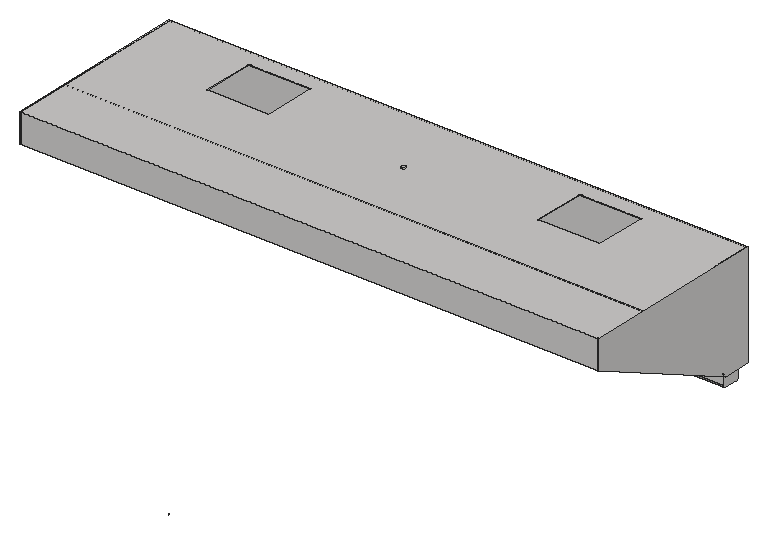
Revit family "QF_ELECTROLUXPROFESSIONAL_644208_AMPV928DT", category Attrezzature speciali, Revit 2021
Family settings
  Quota connettore circolare = Usa diametro
  Tipo di parte = Normale
  Basato su piano di lavoro = No
  Sempre verticale = Sì
  Taglio con vuoti quando caricato = No
  Condiviso = No
  Punto di calcolo locali = No
Parameters (values of type "Standard")
  Weight = 92.00 kg
  Watts = 840 W
  Volts = 220 V
  URL Manufacturer = "https://www.electroluxprofessional.com/"
  URL = "https://www.electroluxprofessional.com/"
  Steam Supply Size = 0 mm
  Steam Supply Minimum Pressure = 0.0 Pa
  Steam Supply Maximum Pressure = 0.0 Pa
  Steam Consumption per Hour = 0
  Refrigeration Suction Line Size = 0 mm
  Refrigeration Liquid Line Size = 0 mm
  Refrigerant Compressor Remote = yes
  Prospetto di default = 0 mm
  Produttore = "Electrolux Professional"
  Phase = 1
  Modello = "AMPV928DT"
  Length Actual = 2800 mm  # constant formula
  Item Number = "644208"
  Hot Water Size = 0 mm
  Height Actual = 500 mm  # constant formula
  HP = "1.1 HP"
  Gas Size = 0 mm
  Gas KW = 0
  Gas Input Pressure = 0 W
  Direct Waste Size = 0 mm
  Descrizione = "304 S/S WALL HOOD+FILTERS+FAN 2800X900MM"
  Depth Actual = 900 mm  # constant formula
  Cycle = 50 Hz
  Condensate Return Size = 0 mm
  Compressed Air Volume = 0.0 L/s
  Compressed Air Size = 0 mm
  Compressed Air Pressure = 0.0 Pa
  Cold Water Size = 0 mm
  Accessory = yes
Reference planes
  plane 1: z = 0
  plane 2 "Center (Left/Right)": x = 150
  plane 3 "LEFT": x = -1250
  plane 4 "RIGHT": x = 1550
  plane 5 "BACK": y = 550
  plane 6 "Plane": z = 2000
  plane 7 "TOP": z = 2140
  plane 8 "Base": z = 1640
  plane 9: z = 1566
  plane 10 "DrainY": y = 485
  plane 11: x = -1247
  plane 12: through (0, 414.509, 1640.8) normal (0, 0.7314, 0.682)
  plane 13: y = 470
  plane 14: y = 220
  plane 15 "DrainX": x = 1430
  plane 16: x = -500
  plane 17: x = 800
  plane 18: x = -800
  plane 19: x = 1100
  plane 20: x = 1547
  plane 21: x = 1340
  plane 22: x = 1520
  plane 23: x = -1210
  plane 24: x = -845
  plane 25: x = -450
  plane 26: x = 1510
  plane 27: x = 1145
  plane 28: x = 750
  plane 29: y = -350
  plane 30 "Center (Front/Back)": y = 100
Forms (mm)
  Extrusion 1, solid, material "QF_Finishes_Stainless Steel"
    sketch origin (-1250, 0, 0) x (0, 1, 0) y (0, 0, 1)
      loop
        line (550, 1640) -> (550, 2140) -> (-350, 2140) -> (-350, 2000) -> (415.255, 1640) -> (550, 1640)
    from 0 to 3
  Extrusion 2, solid, material "QF_Finishes_Stainless Steel"
    sketch origin (150, 0, 0) x (0, 1, 0) y (0, 0, 1)
      loop
        line (415.255, 1640) -> (550, 1640) -> (550, 2139.19) -> (549.2, 2139.19) -> (549.2, 1640.8) -> (415.876, 1640.8) -> (339.347, 1722.867) -> (349.609, 1732.436) -> (348.927, 1733.167) -> (337.934, 1722.917) -> (415.255, 1640)
      loop
        line (-82.203, 2139.19) -> (-82.203, 2118.6) -> (-31.047, 2118.6) -> (34.354, 2048.466) -> (46.028, 2059.352) -> (45.346, 2060.083) -> (34.403, 2049.879) -> (-30.612, 2119.6) -> (-81.203, 2119.6) -> (-81.203, 2139.19) -> (-82.203, 2139.19)
    from -1397 to 1397
  Extrusion 3, solid, material "QF_Finishes_Stainless Steel"
    sketch origin (1550, 0, 0) x (0, 1, 0) y (0, 0, 1)
      loop
        line (550, 1640) -> (550, 2140) -> (-350, 2140) -> (-350, 2000) -> (415.255, 1640) -> (550, 1640)
    from 0 to -3
  Extrusion 4, solid, material "QF_Finishes_Stainless Steel"
    sketch origin (150, 0, 0) x (0, 1, 0) y (0, 0, 1)
      loop
        line (-350, 2140) -> (-350, 2000) -> (-349.2, 2000) -> (-349.2, 2139.19) -> (550, 2139.19) -> (550, 2140) -> (-350, 2140)
    from -1400 to 1400
  Extrusion 5, solid, material "QF_Finishes_Stainless Steel"
    sketch origin (150, 0, 0) x (0, 1, 0) y (0, 0, 1)
      loop
        line (534, 1640) -> (436, 1640) -> (436, 1627) -> (443.5, 1627) -> (443.5, 1576)
        arc (443.5, 1576) -> (446.429, 1568.929) -> (453.5, 1566) r 10
        line (453.5, 1566) -> (516.5, 1566)
        arc (516.5, 1566) -> (523.571, 1568.929) -> (526.5, 1576) r 10
        line (526.5, 1576) -> (526.5, 1627) -> (534, 1627) -> (534, 1640)
    from 1190 to 1370
  Extrusion 6, solid, material "QF_Finishes_Stainless Steel"
    sketch origin (0, 0, 1640) x (0, 1, 0) y (-1, 0, 0)
      loop
        circle (485, -1430) r 20
    from -76 to -74
  Extrusion 7, solid, material "QF_Finished_Chrome"
    sketch origin (150, 0, 0) x (0, 1, 0) y (0, 0, 1)
      loop
        line (337.934, 1722.917) -> (341.591, 1726.327) -> (38.011, 2051.876) -> (34.354, 2048.466) -> (337.934, 1722.917)
    from -995 to -1360
  Extrusion 8, solid, material "QF_Finished_Chrome"
    sketch origin (150, 0, 0) x (0, 1, 0) y (0, 0, 1)
      loop
        line (337.934, 1722.917) -> (341.591, 1726.327) -> (38.011, 2051.876) -> (34.354, 2048.466) -> (337.934, 1722.917)
    from 600 to -600
  Extrusion 9, solid, material "QF_Finishes_Stainless Steel"
    sketch origin (150, 0, 0) x (0, 1, 0) y (0, 0, 1)
      loop
        line (337.934, 1722.917) -> (341.591, 1726.327) -> (38.011, 2051.876) -> (34.354, 2048.466) -> (337.934, 1722.917)
    from 1397 to 1360
  Extrusion 10, solid, material "QF_Finishes_Stainless Steel"
    sketch origin (150, 0, 0) x (0, 1, 0) y (0, 0, 1)
      loop
        line (341.588, 1726.324) -> (38.009, 2051.874) -> (34.354, 2048.466) -> (337.934, 1722.917) -> (341.588, 1726.324)
    from -995 to -600
  Extrusion 11, solid, material "QF_Finished_Chrome"
    sketch origin (150, 0, 0) x (0, 1, 0) y (0, 0, 1)
      loop
        line (341.588, 1726.324) -> (38.009, 2051.874) -> (34.354, 2048.466) -> (337.934, 1722.917) -> (341.588, 1726.324)
    from 995 to 1360
  Extrusion 12, void
    sketch origin (0, 0, 2140) x (0, 1, 0) y (-1, 0, 0)
      loop
        line (470, 800) -> (220, 800) -> (220, 500) -> (470, 500) -> (470, 800)
    from 0 to -10
  Extrusion 13, void
    sketch origin (940, 0, 2140) x (0, 1, 0) y (-1, 0, 0)
      loop
        line (470, 140) -> (220, 140) -> (220, -160) -> (470, -160) -> (470, 140)
    from 0 to -10
  Extrusion 14, solid, material "QF_Finishes_Stainless Steel"
    sketch origin (0, 0, 0) x (1, 0, 0) y (0, 1, 0)
      loop
        line (-1250, 550) -> (-1250, 549) -> (-1249, 549) -> (-1249, 550) -> (-1250, 550)
    from 0 to 1
  Extrusion 15, solid, material "QF_Finishes_Stainless Steel"
    sketch origin (150, 0, 0) x (0, 1, 0) y (0, 0, 1)
      loop
        line (337.934, 1722.917) -> (341.591, 1726.327) -> (38.011, 2051.876) -> (34.354, 2048.466) -> (337.934, 1722.917)
    from -1360 to -1397
  Extrusion 16, solid, material "QF_Finishes_Stainless Steel"
    sketch origin (150, 0, 0) x (0, 1, 0) y (0, 0, -1)
      loop
        line (341.588, -1726.324) -> (337.934, -1722.917) -> (34.354, -2048.466) -> (38.009, -2051.874) -> (341.588, -1726.324)
    from -995 to -600
  Extrusion 17, solid, material "QF_Finishes_Stainless Steel"
    sketch origin (0, 0, 2140) x (0, 1, 0) y (-1, 0, 0)
      loop
        circle (220, -150) r 10
    from 0 to 1.6
Cuts and joins
  Extrusion 12, Extrusion 13 cuts Extrusion 4
  joined: Extrusion 2, Extrusion 4
Lines and regions (mm)
  reference lines
    curve 1: line (150, 34.354, 2048.466) -> (150, 34.354, 1888.466)
  symbolic lines, style "SpecialityEquipment", detail levels coarse
    curve 2: line (1550, 550, 2140) -> (-1250, 550, 2140)
    curve 3: line (-1250, 550, 2140) -> (-1250, -350, 2140)
    curve 4: line (1550, -350, 2140) -> (1550, 550, 2140)
    curve 5: line (-1250, -350, 2140) -> (1550, -350, 2140)
    curve 6: line (-800, 220, 2140) -> (-500, 220, 2140)
    curve 7: line (-800, 470, 2140) -> (-800, 220, 2140)
    curve 8: line (-500, 470, 2140) -> (-800, 470, 2140)
    curve 9: line (-500, 220, 2140) -> (-500, 470, 2140)
    curve 10: line (800, 470, 2140) -> (800, 220, 2140)
    curve 11: line (800, 220, 2140) -> (1100, 220, 2140)
    curve 12: line (1100, 470, 2140) -> (800, 470, 2140)
    curve 13: line (1100, 220, 2140) -> (1100, 470, 2140)
  symbolic lines, detail levels coarse
    curve 14: line (-1250, -350, 0) -> (1550, 550, 0)
    curve 15: line (1550, -350, 0) -> (-1250, 550, 0)
Dimensions and locks
  plane 3 "LEFT" to plane 4 "RIGHT" = 2800 mm
  equal spacing: plane 3 "LEFT", plane 2 "Center (Left/Right)", plane 4 "RIGHT"
  locked: plane 6 "Plane" to level at 2000
  plane 7 "TOP" to plane 6 "Plane" = 140 mm
  locked: plane 7 "TOP" to plane 8 "Base" at 500
  plane 8 "Base" to plane 9 = 74 mm
  plane 5 "BACK" to plane 10 "DrainY" = 65 mm  (x2)
  plane 3 "LEFT" to plane 11 = 3 mm
  plane 5 "BACK" to plane 13 = 80 mm
  plane 13 to plane 14 = 250 mm  (x2)
  plane 15 "DrainX" to plane 4 "RIGHT" = 120 mm
  locked: plane 16 to plane 17 at 1300
  equal spacing: plane 16, plane 2 "Center (Left/Right)", plane 17
  plane 18 to plane 16 = 300 mm
  plane 17 to plane 19 = 300 mm
  plane 20 to plane 4 "RIGHT" = 3 mm
  locked: plane 21 to plane 15 "DrainX" at 90
  locked: plane 15 "DrainX" to plane 22 at 90
  plane 13 to plane 5 "BACK" = 80 mm
  locked: plane 3 "LEFT" to plane 23 at 40
  locked: plane 23 to plane 24 at 365
  locked: plane 24 to plane 25 at 395
  locked: plane 26 to plane 27 at 365
  locked: plane 27 to plane 28 at 395
  locked: plane 26 to plane 4 "RIGHT" at 40
  plane 25 to plane 28 = 1200 mm
  plane 5 "BACK" to plane 29 = 900 mm  (x2)
  equal spacing: plane 5 "BACK", plane 30 "Center (Front/Back)", plane 29
  plane 14 to plane 29 = 570 mm
  aligned and locked: level to plane 1
  aligned and locked: Extrusion 2 to Extrusion 1
  aligned and locked: Extrusion 2 to Extrusion 3
  aligned and locked: plane 4 "RIGHT" to Extrusion 4
  aligned and locked: Extrusion 4 to plane 3 "LEFT"
  aligned and locked: plane 20 to Extrusion 9
  aligned and locked: plane 18 to Extrusion 12
  aligned and locked: Extrusion 12 to plane 16
  aligned and locked: Extrusion 12 to plane 14
  aligned and locked: Extrusion 12 to plane 13
  aligned and locked: Extrusion 13 to plane 19
  aligned and locked: plane 17 to Extrusion 13
  aligned and locked: Extrusion 2 to Extrusion 4
  aligned and locked: plane 22 to Extrusion 5
  aligned and locked: Extrusion 5 to plane 21
  aligned and locked: Extrusion 9 to plane 26
  aligned and locked: Extrusion 11 to plane 26
  aligned and locked: Extrusion 11 to plane 27
  aligned and locked: Extrusion 8 to plane 28
  aligned and locked: Extrusion 8 to plane 25
  aligned and locked: plane 25 to Extrusion 10
  aligned and locked: Extrusion 10 to plane 24
  aligned and locked: plane 24 to Extrusion 7
  aligned and locked: Extrusion 7 to plane 23
  aligned and locked: Extrusion 15 to plane 11
  aligned and locked: plane 23 to Extrusion 15
  aligned and locked: Extrusion 16 to plane 28
  aligned and locked: Extrusion 16 to plane 27
  aligned and locked: Extrusion 3 to plane 20
Automatic sketch dimensions
  curve 5 to plane 3 "LEFT" = 0 mm
  curve 9 to plane 14 = 0 mm
  curve 10 to plane 14 = 0 mm
  plane 13 to curve 8 = 0 mm
  plane 13 to curve 12 = 0 mm
  curve 3 to plane 5 "BACK" = 0 mm
  curve 5 to plane 4 "RIGHT" = 0 mm
  curve 11 to plane 19 = 0 mm
  curve 10 to plane 17 = 0 mm
  curve 6 to plane 16 = 0 mm
  curve 6 to plane 18 = 0 mm
  Extrusion 2 sketch curve to plane 12 = 0 mm  (x3)
  Extrusion 2 sketch curve to plane 8 "Base" = 0 mm
  plane 12 to Extrusion 2 sketch curve = 0 mm
  Extrusion 2 sketch curve to plane 5 "BACK" = 0 mm
  Extrusion 2 sketch curve to Extrusion 2 sketch curve = 65.646 mm
  Extrusion 2 sketch curve to Extrusion 2 sketch curve = 0.682 mm  (x2)
  Extrusion 2 sketch curve to Extrusion 2 sketch curve = 10.261 mm
  plane 8 "Base" to Extrusion 2 sketch curve = 82.917 mm
  Extrusion 2 sketch curve to Extrusion 2 sketch curve = 10.942 mm
  Extrusion 2 sketch curve to Extrusion 2 sketch curve = 0.049 mm
  Extrusion 2 sketch curve to plane 7 "TOP" = 20.4 mm
  Extrusion 2 sketch curve to plane 7 "TOP" = 21.4 mm
  Extrusion 2 sketch curve to plane 7 "TOP" = 0.81 mm  (x2)
  Extrusion 2 sketch curve to Extrusion 2 sketch curve = 50.156 mm
  Extrusion 2 sketch curve to Extrusion 2 sketch curve = 1 mm
  plane 8 "Base" to Extrusion 2 sketch curve = 0.8 mm
  Extrusion 2 sketch curve to plane 5 "BACK" = 0.8 mm
  Extrusion 4 sketch curve to plane 6 "Plane" = 0 mm
  Extrusion 4 sketch curve to plane 5 "BACK" = 0 mm
  Extrusion 4 sketch curve to plane 7 "TOP" = 0 mm
  Extrusion 4 sketch curve to plane 7 "TOP" = 0.81 mm
  curve 1 to plane 12 = 0 mm
  curve 1 to plane 6 "Plane" = 111.534 mm
  Extrusion 5 sketch curve to plane 8 "Base" = 0 mm
  Extrusion 5 sketch curve to plane 9 = 0 mm
  Extrusion 5 sketch curve to plane 8 "Base" = 13 mm  (x2)
  plane 13 to Extrusion 5 sketch curve = 34 mm
  Extrusion 5 sketch curve to Extrusion 5 sketch curve = 7.5 mm  (x2)
  Extrusion 5 sketch curve to Extrusion 5 sketch curve = 10 mm
  plane 10 "DrainY" to Extrusion 5 sketch curve = 31.5 mm
  Extrusion 5 sketch curve to plane 5 "BACK" = 23.5 mm
  Extrusion 6 sketch curve to plane 10 "DrainY" = 0 mm
  Extrusion 6 sketch curve to plane 15 "DrainX" = 0 mm
  Extrusion 7 sketch curve to plane 12 = 0 mm  (x2)
  Extrusion 7 sketch curve to Extrusion 7 sketch curve = 3.657 mm
  plane 8 "Base" to Extrusion 7 sketch curve = 82.917 mm
  Extrusion 8 sketch curve to plane 12 = 0 mm  (x2)
  Extrusion 8 sketch curve to Extrusion 8 sketch curve = 3.657 mm
  plane 8 "Base" to Extrusion 8 sketch curve = 82.917 mm
  Extrusion 9 sketch curve to plane 12 = 0 mm  (x2)
  Extrusion 9 sketch curve to Extrusion 9 sketch curve = 3.657 mm
  plane 8 "Base" to Extrusion 9 sketch curve = 82.917 mm
  Extrusion 10 sketch curve to plane 12 = 0 mm  (x2)
  Extrusion 10 sketch curve to Extrusion 10 sketch curve = 3.655 mm
  plane 8 "Base" to Extrusion 10 sketch curve = 82.917 mm
  Extrusion 11 sketch curve to plane 12 = 0 mm  (x2)
  Extrusion 11 sketch curve to Extrusion 11 sketch curve = 3.655 mm
  plane 8 "Base" to Extrusion 11 sketch curve = 82.917 mm
  Extrusion 12 sketch curve to plane 14 = 0 mm
  plane 13 to Extrusion 12 sketch curve = 0 mm
  Extrusion 12 sketch curve to plane 16 = 0 mm
  Extrusion 12 sketch curve to plane 18 = 0 mm
  Extrusion 13 sketch curve to plane 14 = 0 mm
  plane 13 to Extrusion 13 sketch curve = 0 mm
  Extrusion 13 sketch curve to plane 19 = 0 mm
  Extrusion 13 sketch curve to plane 17 = 0 mm
  Extrusion 14 sketch curve to plane 3 "LEFT" = 0 mm
  Extrusion 14 sketch curve to plane 5 "BACK" = 0 mm
  plane 3 "LEFT" to Extrusion 14 sketch curve = 1 mm
  Extrusion 14 sketch curve to plane 5 "BACK" = 1 mm
  Extrusion 15 sketch curve to plane 12 = 0 mm  (x2)
  Extrusion 15 sketch curve to Extrusion 15 sketch curve = 3.657 mm
  plane 8 "Base" to Extrusion 15 sketch curve = 82.917 mm
  Extrusion 16 sketch curve to plane 12 = 0 mm  (x2)
  Extrusion 16 sketch curve to Extrusion 16 sketch curve = 3.655 mm
  plane 8 "Base" to Extrusion 16 sketch curve = 82.917 mm
  Extrusion 4 sketch curve to Extrusion 4 sketch curve = 0.8 mm
  curve 5 to plane 29 = 0 mm
  plane 6 "Plane" to Extrusion 2 sketch curve = 48.466 mm
  plane 29 to Extrusion 4 sketch curve = 0.8 mm
  curve 1 to plane 14 = 185.646 mm
  plane 6 "Plane" to Extrusion 7 sketch curve = 51.876 mm
  plane 6 "Plane" to Extrusion 8 sketch curve = 51.876 mm
  plane 6 "Plane" to Extrusion 9 sketch curve = 51.876 mm
  plane 6 "Plane" to Extrusion 10 sketch curve = 51.874 mm
  plane 6 "Plane" to Extrusion 11 sketch curve = 51.874 mm
  plane 6 "Plane" to Extrusion 15 sketch curve = 51.876 mm
  plane 6 "Plane" to Extrusion 16 sketch curve = 51.874 mm
  Extrusion 3 sketch curve to plane 5 "BACK" = 0 mm
  Extrusion 3 sketch curve to plane 7 "TOP" = 0 mm
  Extrusion 3 sketch curve to plane 6 "Plane" = 0 mm
  Extrusion 1 sketch curve to plane 8 "Base" = 0 mm
  plane 12 to Extrusion 1 sketch curve = 0 mm
  Extrusion 1 sketch curve to plane 5 "BACK" = 0 mm
  Extrusion 1 sketch curve to plane 7 "TOP" = 0 mm
  Extrusion 1 sketch curve to plane 29 = 0 mm
  Extrusion 1 sketch curve to plane 6 "Plane" = 0 mm
  Extrusion 3 sketch curve to plane 29 = 0 mm
  Extrusion 3 sketch curve to plane 8 "Base" = 0 mm
  plane 12 to Extrusion 3 sketch curve = 0 mm
  curve 15 to plane 3 "LEFT" = 0 mm
  curve 14 to plane 3 "LEFT" = 0 mm
  curve 15 to plane 4 "RIGHT" = 0 mm
  curve 14 to plane 4 "RIGHT" = 0 mm
  curve 15 to plane 29 = 0 mm
  curve 14 to plane 29 = 0 mm
  curve 15 to plane 5 "BACK" = 0 mm
  curve 14 to plane 5 "BACK" = 0 mm
  Extrusion 17 sketch curve to plane 2 "Center (Left/Right)" = 0 mm
  Extrusion 17 sketch curve to plane 14 = 0 mm
  radius of Extrusion 6 sketch curve = 20 mm
  radius of Extrusion 17 sketch curve = 10 mm
Connectors
  piping at (1430, 485, 1564), diameter 20
    settings: on Extrusion 6, index 1, connector inside diameter 609.6 mm, connector length 0 mm, flow factor 0, pipe flow 0.0 L/s, pressure drop 0.0 Pa, fitting loss kfactor 0, connector angle 0.00°, fixture units 0, engagement length 0 mm, angle of deflection 0.00°, flow configuration 1, flow direction 2, fitting loss method 0, system type 16, joint type 0, gender type 0, connector reference index -1, connector utility 0, adjustable connector no, is connector primary yes, connector description "Drain"
  hvac at (-650, 345, 2140)
    settings: on Extrusion 12, index 2, duct flow 0.0 L/s, flow factor 0, pres drop 0.0 Pa, loss coef 0, conn angle 0.00°, conn width 250 mm, conn height 300 mm, conn diameter 609.6 mm, duct sys type 3, conn prof type 1, flow config 1, flow direction 2, loss method 0, conn ref index -1, conn util no, is conn primary yes, conn desc "EXHAUST OUTLET"
  hvac at (950, 345, 2140)
    settings: on Extrusion 13, index 3, duct flow 0.0 L/s, flow factor 0, pres drop 0.0 Pa, loss coef 0, conn angle 0.00°, conn width 250 mm, conn height 300 mm, conn diameter 609.6 mm, duct sys type 3, conn prof type 1, flow config 1, flow direction 2, loss method 0, conn ref index -1, conn util no, is conn primary no, conn desc "EXHAUST OUTLET"
  electrical at (150, 220, 2140), driven by "Volts"
    settings: on Extrusion 17, index 4, voltage 220 V, apparent load 0 VA, apparent load phase1 0 VA, apparent load phase2 0 VA, apparent load phase3 0 VA, power factor 1, load classification "Other", number of poles 1, system type 30, power factor state 1, is connector primary yes, connector utility no, sub classification motor no, connector description "Electrical Connection"
